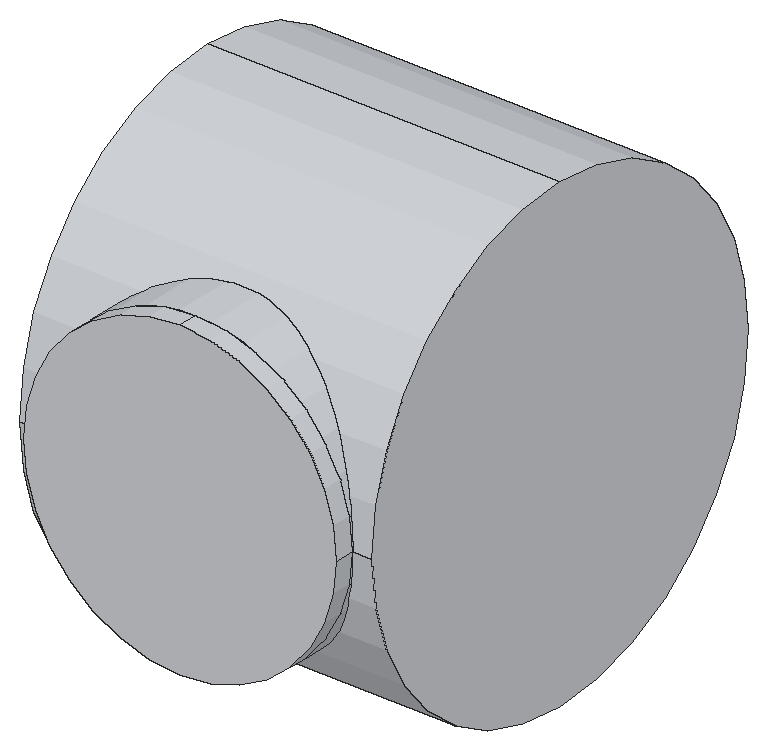
Revit family "M_T redondo - Bullhead", category Conexões de duto, Revit 2019
Family settings
  Cota do conector redondo = Usar raio
  Tipo de parte = Tê
  Número OmniClass = 23.75.70.14
  Título OmniClass = Air Ductwork
  ID de item do Seek = Round Tee - Bullhead-0000-CAN-ENU
  Com base no plano de trabalho = Não
  Sempre na vertical = Sim
  Corte com vazios quando carregada = Não
  Compartilhado = Não
Parameters (values of type "Padrão")
  Raio do meio [instance] = Raio do duto 3 - abs(Diâmetro do duto 3 / 2 - Raio do meio 1) / Raio do duto 1 * Raio do duto 1  # 200 mm
  Raio do meio 1 [instance] = if(Diâmetro do duto 1 / 2 > Diâmetro do duto 3 / 2, Diâmetro do duto 3 / 2, Diâmetro do duto 1 / 2)  # 200 mm
  Raio do duto 3 [instance] = 200 mm
  Raio do duto 1 [instance] = 300 mm
  Comprimento do duto 3 [instance] = Diâmetro do duto 1 / 2 + 25 mm  # 325 mm
  Comprimento do duto 1 [instance] = Diâmetro do duto 3 / 2 + 25 mm  # 225 mm
  Diâmetro do duto 3 [instance] = 2 * Raio do duto 3  # 400 mm
  Diâmetro do duto 1 [instance] = 2 * Raio do duto 1  # 600 mm
  Assembly Code = ""
Reference planes
  plane 1 "Centro (Frente/Trás)": y = 0
  plane 2: z = 0
  plane 3 "Centro (Esquerda/Direita)": x = 0
  plane 4: x = -225
  plane 5: x = 225
  plane 6: y = -325
  plane 7: y = -300
  plane 8: y = -300
  plane 9: y = -300
Forms (mm)
  Sweep 1, solid, detail levels medium+fine
    path in 3D
      loop
        line (-225, 0, 0) -> (225, 0, 0)
    profile "M_Duto - Redondo : Duto - Redondo 1" origin (0, 0, 0) x (0, 1, 0) y (0, 0, 1)
      loop
        arc (-300, 0) -> (-212.132, -212.132) -> (0, -300) r 300
        arc (0, -300) -> (212.132, -212.132) -> (300, 0) r 300
        arc (300, 0) -> (212.132, 212.132) -> (0, 300) r 300
        arc (0, 300) -> (-212.132, 212.132) -> (-300, 0) r 300
  Sweep 2, solid, detail levels medium+fine
    path in 3D
      loop
        line (0, -300, 0) -> (0, -325, 0)
    profile "M_Duto - Redondo : Duto - Redondo 3" origin (0, -312.5, 0) x (1, 0, 0) y (0, 0, 1)
      loop
        arc (-200, 0) -> (-141.421, -141.421) -> (0, -200) r 200
        arc (0, -200) -> (141.421, -141.421) -> (200, 0) r 200
        arc (200, 0) -> (141.421, 141.421) -> (0, 200) r 200
        arc (0, 200) -> (-141.421, 141.421) -> (-200, 0) r 200
  Blend 3, solid, detail levels medium+fine
    base sketch origin (0, 0, 0) x (1, 0, 0) y (0, 0, 1)
      loop
        circle (0, 0) r 200
    top sketch origin (0, 0, 0) x (1, 0, 0) y (0, 0, 1)
      loop
        circle (0, 0) r 200
    from 300 to 0
Cuts and joins
  joined: Sweep 1, Sweep 2, Blend 3
Lines and regions (mm)
  reference lines
    curve 1: line (-225, 0, 0) -> (225, 0, 0)
    curve 2: line (0, -325, 0) -> (0, 0, 0)
    curve 6: line (0, -300, 0) -> (0, -325, 0)
    curve 7: line (0, -300, 0) -> (0, -325, 0)
    curve 8: line (0, -300, 0) -> (0, -325, 0)
  sketch lines
    curve 3: line (-225, 0, 0) -> (225, 0, 0)
    curve 9: line (0, -300, 0) -> (0, -325, 0)
  model lines, style "DuctFitting", detail levels coarse
    curve 4: line (-225, 0, 0) -> (225, 0, 0)
    curve 5: line (0, -325, 0) -> (0, 0, 0)
Dimensions and locks
  "Comprimento do duto 3": plane 6 to plane 1 "Centro (Frente/Trás)"
  "Comprimento do duto 1": plane 4 to plane 3 "Centro (Esquerda/Direita)"
  "Comprimento do duto 1": plane 3 "Centro (Esquerda/Direita)" to plane 5
  "Raio do duto 1": plane 1 "Centro (Frente/Trás)" to plane 7
  "Raio do duto 1": plane 1 "Centro (Frente/Trás)" to plane 8
  "Raio do duto 1": plane 1 "Centro (Frente/Trás)" to plane 9
  "Raio do duto 3": radius of Blend 3 sketch curve
  "Raio do meio": radius of Blend 3 sketch curve
  aligned and locked: plane 4 to curve 1
  aligned and locked: plane 5 to curve 1
  aligned and locked: plane 1 "Centro (Frente/Trás)" to curve 1
  aligned and locked: plane 1 "Centro (Frente/Trás)" to curve 2
  aligned and locked: plane 6 to curve 2
  aligned and locked: curve 2 to plane 3 "Centro (Esquerda/Direita)"
  aligned and locked: curve 5 to curve 2
  aligned and locked: plane 6 to curve 5
  aligned and locked: plane 1 "Centro (Frente/Trás)" to curve 4
  aligned and locked: plane 4 to curve 4
  aligned and locked: plane 5 to curve 4
  aligned and locked: plane 8 to curve 6
  aligned and locked: plane 6 to curve 6
  aligned and locked: curve 6 to plane 3 "Centro (Esquerda/Direita)"
  aligned and locked: plane 6 to curve 7
  aligned and locked: plane 9 to curve 7
  aligned and locked: curve 7 to plane 3 "Centro (Esquerda/Direita)"
  aligned and locked: plane 7 to curve 8
  aligned and locked: plane 6 to curve 8
  aligned and locked: curve 8 to plane 3 "Centro (Esquerda/Direita)"
  aligned and locked: plane 2 to Blend 3 sketch curve  (x2)
  aligned and locked: plane 3 "Centro (Esquerda/Direita)" to Blend 3 sketch curve  (x2)
  aligned and locked: plane 9 to Blend 3
  aligned and locked: Blend 3 to plane 1 "Centro (Frente/Trás)"
Connectors
  hvac at (-225, 0, 0), driven by "Raio do duto 1"
    settings: on cut or joined group of Sweep 1, Sweep 2, Blend 3, index 1, duct flow 0.0 L/s, flow factor 0, pres drop 0.0 Pa, loss coef 0, conn angle 0.00°, conn width 304.8 mm, conn height 304.8 mm, conn diameter 600 mm, duct sys type 28, conn prof type 0, flow config 0, flow direction 0, loss method 0, conn ref index 2, conn util no, is conn primary yes, conn desc ""
  hvac at (225, 0, 0), driven by "Raio do duto 1"
    settings: on cut or joined group of Sweep 1, Sweep 2, Blend 3, index 2, duct flow 0.0 L/s, flow factor 0, pres drop 0.0 Pa, loss coef 0, conn angle 0.00°, conn width 304.8 mm, conn height 304.8 mm, conn diameter 600 mm, duct sys type 28, conn prof type 0, flow config 0, flow direction 0, loss method 0, conn ref index 1, conn util no, is conn primary no, conn desc ""
  hvac at (0, -325, 0), driven by "Raio do duto 3"
    settings: on cut or joined group of Sweep 1, Sweep 2, Blend 3, index 3, duct flow 0.0 L/s, flow factor 0, pres drop 0.0 Pa, loss coef 0, conn angle 0.00°, conn width 304.8 mm, conn height 304.8 mm, conn diameter 400 mm, duct sys type 28, conn prof type 0, flow config 0, flow direction 0, loss method 0, conn ref index -1, conn util no, is conn primary no, conn desc ""
